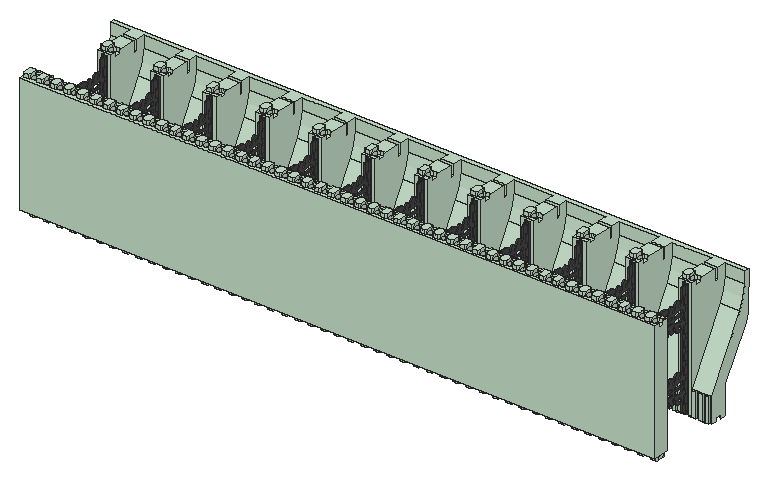
Revit family "ICF- NUDURA 8-inch- Brick Ledge Form Unit- Imperial", category Generic Models, Revit 2011 (continued)
Definition of nested family "8-inch Insert Web"
  Forms (in)
    Extrusion 2, solid, material "High Density Polystyrene"
      sketch origin (0, 0, 0) x (0, 1, 0) y (0, 0, 1)
        loop
          arc (2.13199, 5.11984) -> (2.17842, 5.4384) -> (2.26768, 5.74771) r 2.36477
          arc (2.26768, 5.74771) -> (2.42226, 5.98417) -> (2.65991, 6.13691) r 0.67666
          arc (2.65991, 6.13691) -> (2.94589, 6.01436) -> (2.82334, 5.72838) r 0.22
          arc (2.82334, 5.72838) -> (2.80567, 5.16315) -> (3.25724, 5.50357) r 0.31353
          arc (3.25724, 5.50357) -> (3.34445, 5.70085) -> (3.45885, 5.88371) r 1.51187
          arc (3.45885, 5.88371) -> (3.48945, 5.94354) -> (3.5, 6.0099) r 0.21407
          line (3.5, 6.0099) -> (3.5, 11.73593)
          arc (3.5, 11.73593) -> (3.48945, 11.8023) -> (3.45885, 11.86212) r 0.21407
          arc (3.45885, 11.86212) -> (3.34445, 12.04498) -> (3.25724, 12.24227) r 1.51187
          arc (3.25724, 12.24227) -> (2.80567, 12.58268) -> (2.82334, 12.01745) r 0.31353
          arc (2.82334, 12.01745) -> (2.94589, 11.73147) -> (2.65991, 11.60892) r 0.22
          arc (2.65991, 11.60892) -> (2.42226, 11.76166) -> (2.26768, 11.99813) r 0.67666
          arc (2.26768, 11.99813) -> (2.17842, 12.30743) -> (2.13199, 12.62599) r 2.36477
          arc (2.13199, 12.62599) -> (1.64652, 12.87297) -> (1.68105, 12.32938) r 0.31353
          arc (1.68105, 12.32938) -> (1.75958, 12.04202) -> (1.47754, 11.94612) r 0.21738
          arc (1.47754, 11.94612) -> (1.27285, 12.09952) -> (1.13163, 12.31278) r 0.74993
          line (1.13163, 12.31278) -> (0.98899, 12.69962)
          arc (0.98899, 12.69962) -> (0.48331, 12.86775) -> (0.55745, 12.34003) r 0.31353
          arc (0.55745, 12.34003) -> (0.73367, 12.07603) -> (0.53434, 11.829) r 0.26801
          arc (0.53434, 11.829) -> (0.26951, 11.77808) -> (0, 11.76836) r 1.75402
          arc (0, 11.76836) -> (-0.26951, 11.77808) -> (-0.53434, 11.829) r 1.75402
          arc (-0.53434, 11.829) -> (-0.73367, 12.07603) -> (-0.55745, 12.34003) r 0.26801
          arc (-0.55745, 12.34003) -> (-0.48331, 12.86775) -> (-0.98899, 12.69962) r 0.31353
          line (-0.98899, 12.69962) -> (-1.13163, 12.31278)
          arc (-1.13163, 12.31278) -> (-1.27285, 12.09952) -> (-1.47754, 11.94612) r 0.74993
          arc (-1.47754, 11.94612) -> (-1.75958, 12.04202) -> (-1.68105, 12.32938) r 0.21738
          arc (-1.68105, 12.32938) -> (-1.64652, 12.87297) -> (-2.13199, 12.62599) r 0.31353
          arc (-2.13199, 12.62599) -> (-2.17842, 12.30743) -> (-2.26768, 11.99813) r 2.36477
          arc (-2.26768, 11.99813) -> (-2.42226, 11.76166) -> (-2.65991, 11.60892) r 0.67666
          arc (-2.65991, 11.60892) -> (-2.94589, 11.73147) -> (-2.82334, 12.01745) r 0.22
        loop
          arc (-0.4326, 13.18355) -> (-0.19828, 13.41787) -> (-0.4326, 13.65219) r 0.23432
          line (-0.4326, 13.65219) -> (-1.65965, 13.65219)
          arc (-1.65965, 13.65219) -> (-1.73036, 13.6229) -> (-1.75965, 13.55219) r 0.1
          line (-1.75965, 13.55219) -> (-1.75965, 13.22948)
          arc (-1.75965, 13.22948) -> (-1.72343, 13.15246) -> (-1.641, 13.13124) r 0.1
          arc (-1.641, 13.13124) -> (-1.36148, 13.17069) -> (-1.07948, 13.18355) r 2.98393
          line (-1.07948, 13.18355) -> (-0.4326, 13.18355)
        loop
          arc (-3.26707, 12.80583) -> (-2.63213, 12.94476) -> (-1.99415, 13.06906) r 28.25303
          arc (-1.99415, 13.06906) -> (-1.93534, 13.10339) -> (-1.91215, 13.16743) r 0.1
          line (-1.91215, 13.16743) -> (-1.91215, 13.55219)
          arc (-1.91215, 13.55219) -> (-1.94141, 13.62288) -> (-2.01208, 13.65219) r 0.1
          line (-2.01208, 13.65219) -> (-3.34826, 13.65219)
          arc (-3.34826, 13.65219) -> (-3.45556, 13.60775) -> (-3.5, 13.50045) r 0.15174
          line (-3.5, 13.50045) -> (-3.5, 13.03875)
          arc (-3.5, 13.03875) -> (-3.43178, 12.87405) -> (-3.26707, 12.80583) r 0.23293
        loop
          arc (-4.12543, 0.17379) -> (-4.11414, 0.1848) -> (-4.11, 0.20001) r 0.03
          line (-4.11, 0.20001) -> (-4.11, 0.32122)
          arc (-4.11, 0.32122) -> (-4.11625, 0.33575) -> (-4.13111, 0.34119) r 0.02
          line (-4.13111, 0.34119) -> (-4.18889, 0.33798)
          arc (-4.18889, 0.33798) -> (-4.20374, 0.34342) -> (-4.21, 0.35795) r 0.02
          line (-4.21, 0.35795) -> (-4.21, 0.10915)
          arc (-4.21, 0.10915) -> (-4.20585, 0.12437) -> (-4.19457, 0.13538) r 0.03
          line (-4.19457, 0.13538) -> (-4.12543, 0.17379)
        loop
          arc (-0.4326, 3.4375) -> (-0.19828, 3.67182) -> (-0.4326, 3.90614) r 0.23432
          line (-0.4326, 3.90614) -> (-1.65965, 3.90614)
          arc (-1.65965, 3.90614) -> (-1.73036, 3.87685) -> (-1.75965, 3.80614) r 0.1
          line (-1.75965, 3.80614) -> (-1.75965, 3.48343)
          arc (-1.75965, 3.48343) -> (-1.72343, 3.40641) -> (-1.641, 3.38519) r 0.1
          arc (-1.641, 3.38519) -> (-1.36148, 3.42464) -> (-1.07948, 3.4375) r 2.98393
          line (-1.07948, 3.4375) -> (-0.4326, 3.4375)
        loop
          arc (-3.26707, 3.05978) -> (-2.63213, 3.19871) -> (-1.99415, 3.32301) r 28.25303
          arc (-1.99415, 3.32301) -> (-1.93534, 3.35734) -> (-1.91215, 3.42138) r 0.1
          line (-1.91215, 3.42138) -> (-1.91215, 3.80614)
          arc (-1.91215, 3.80614) -> (-1.94141, 3.87683) -> (-2.01208, 3.90614) r 0.1
          line (-2.01208, 3.90614) -> (-3.34826, 3.90614)
          arc (-3.34826, 3.90614) -> (-3.45556, 3.8617) -> (-3.5, 3.7544) r 0.15174
          line (-3.5, 3.7544) -> (-3.5, 3.2927)
          arc (-3.5, 3.2927) -> (-3.43178, 3.128) -> (-3.26707, 3.05978) r 0.23293
        loop
          line (-0.4326, 4.56228) -> (-1.07948, 4.56228)
          arc (-1.07948, 4.56228) -> (-1.36148, 4.57514) -> (-1.641, 4.6146) r 2.98393
          arc (-1.641, 4.6146) -> (-1.72343, 4.59337) -> (-1.75965, 4.51635) r 0.1
          line (-1.75965, 4.51635) -> (-1.75965, 4.19364)
          arc (-1.75965, 4.19364) -> (-1.73036, 4.12293) -> (-1.65965, 4.09364) r 0.1
          line (-1.65965, 4.09364) -> (-0.4326, 4.09364)
          arc (-0.4326, 4.09364) -> (-0.19828, 4.32796) -> (-0.4326, 4.56228) r 0.23432
        loop
          arc (-3.26707, 4.94001) -> (-3.43178, 4.87178) -> (-3.5, 4.70708) r 0.23293
          line (-3.5, 4.70708) -> (-3.5, 4.24538)
          arc (-3.5, 4.24538) -> (-3.45556, 4.13808) -> (-3.34826, 4.09364) r 0.15174
          line (-3.34826, 4.09364) -> (-2.01208, 4.09364)
          arc (-2.01208, 4.09364) -> (-1.94141, 4.12295) -> (-1.91215, 4.19364) r 0.1
          line (-1.91215, 4.19364) -> (-1.91215, 4.5784)
          arc (-1.91215, 4.5784) -> (-1.93534, 4.64244) -> (-1.99415, 4.67677) r 0.1
          arc (-1.99415, 4.67677) -> (-2.63213, 4.80107) -> (-3.26707, 4.94001) r 28.25303
        loop
          arc (4.12543, 17.57204) -> (4.11414, 17.56103) -> (4.11, 17.54582) r 0.03
          line (4.11, 17.54582) -> (4.11, 17.42461)
          arc (4.11, 17.42461) -> (4.11625, 17.41008) -> (4.13111, 17.40464) r 0.02
          line (4.13111, 17.40464) -> (4.18889, 17.40785)
          arc (4.18889, 17.40785) -> (4.20374, 17.40241) -> (4.21, 17.38789) r 0.02
          line (4.21, 17.38789) -> (4.21, 17.63668)
          arc (4.21, 17.63668) -> (4.20585, 17.62147) -> (4.19457, 17.61045) r 0.03
          line (4.19457, 17.61045) -> (4.12543, 17.57204)
        loop
          arc (0.4326, 14.30833) -> (0.19828, 14.07401) -> (0.4326, 13.83969) r 0.23432
          line (0.4326, 13.83969) -> (1.65965, 13.83969)
          arc (1.65965, 13.83969) -> (1.73036, 13.86898) -> (1.75965, 13.93969) r 0.1
          line (1.75965, 13.93969) -> (1.75965, 14.2624)
          arc (1.75965, 14.2624) -> (1.72343, 14.33942) -> (1.641, 14.36065) r 0.1
          arc (1.641, 14.36065) -> (1.36148, 14.32119) -> (1.07948, 14.30833) r 2.98393
          line (1.07948, 14.30833) -> (0.4326, 14.30833)
        loop
          arc (3.26707, 14.68606) -> (2.63213, 14.54712) -> (1.99415, 14.42282) r 28.25303
          arc (1.99415, 14.42282) -> (1.93534, 14.38849) -> (1.91215, 14.32445) r 0.1
          line (1.91215, 14.32445) -> (1.91215, 13.93969)
          arc (1.91215, 13.93969) -> (1.94141, 13.869) -> (2.01208, 13.83969) r 0.1
          line (2.01208, 13.83969) -> (3.34826, 13.83969)
          arc (3.34826, 13.83969) -> (3.45556, 13.88413) -> (3.5, 13.99143) r 0.15174
          line (3.5, 13.99143) -> (3.5, 14.45313)
          arc (3.5, 14.45313) -> (3.43178, 14.61783) -> (3.26707, 14.68606) r 0.23293
        loop
          line (0.4326, 13.18355) -> (1.07948, 13.18355)
          arc (1.07948, 13.18355) -> (1.36148, 13.17069) -> (1.641, 13.13124) r 2.98393
          arc (1.641, 13.13124) -> (1.72343, 13.15246) -> (1.75965, 13.22948) r 0.1
          line (1.75965, 13.22948) -> (1.75965, 13.55219)
          arc (1.75965, 13.55219) -> (1.73036, 13.6229) -> (1.65965, 13.65219) r 0.1
          line (1.65965, 13.65219) -> (0.4326, 13.65219)
          arc (0.4326, 13.65219) -> (0.19828, 13.41787) -> (0.4326, 13.18355) r 0.23432
        loop
          arc (3.26707, 12.80583) -> (3.43178, 12.87405) -> (3.5, 13.03875) r 0.23293
          line (3.5, 13.03875) -> (3.5, 13.50045)
          arc (3.5, 13.50045) -> (3.45556, 13.60775) -> (3.34826, 13.65219) r 0.15174
          line (3.34826, 13.65219) -> (2.01208, 13.65219)
          arc (2.01208, 13.65219) -> (1.94141, 13.62288) -> (1.91215, 13.55219) r 0.1
          line (1.91215, 13.55219) -> (1.91215, 13.16743)
          arc (1.91215, 13.16743) -> (1.93534, 13.10339) -> (1.99415, 13.06906) r 0.1
          arc (1.99415, 13.06906) -> (2.63213, 12.94476) -> (3.26707, 12.80583) r 28.25303
        loop
          line (4.12543, 0.17379) -> (4.19457, 0.13538)
          arc (4.19457, 0.13538) -> (4.20585, 0.12437) -> (4.21, 0.10915) r 0.03
          line (4.21, 0.10915) -> (4.21, 0.35795)
          arc (4.21, 0.35795) -> (4.20374, 0.34342) -> (4.18889, 0.33798) r 0.02
          line (4.18889, 0.33798) -> (4.13111, 0.34119)
          arc (4.13111, 0.34119) -> (4.11625, 0.33575) -> (4.11, 0.32122) r 0.02
          line (4.11, 0.32122) -> (4.11, 0.20001)
          arc (4.11, 0.20001) -> (4.11414, 0.1848) -> (4.12543, 0.17379) r 0.03
        loop
          line (0.4326, 3.4375) -> (1.07948, 3.4375)
          arc (1.07948, 3.4375) -> (1.36148, 3.42464) -> (1.641, 3.38519) r 2.98393
          arc (1.641, 3.38519) -> (1.72343, 3.40641) -> (1.75965, 3.48343) r 0.1
          line (1.75965, 3.48343) -> (1.75965, 3.80614)
          arc (1.75965, 3.80614) -> (1.73036, 3.87685) -> (1.65965, 3.90614) r 0.1
          line (1.65965, 3.90614) -> (0.4326, 3.90614)
          arc (0.4326, 3.90614) -> (0.19828, 3.67182) -> (0.4326, 3.4375) r 0.23432
        loop
          arc (3.26707, 3.05978) -> (3.43178, 3.128) -> (3.5, 3.2927) r 0.23293
          line (3.5, 3.2927) -> (3.5, 3.7544)
          arc (3.5, 3.7544) -> (3.45556, 3.8617) -> (3.34826, 3.90614) r 0.15174
          line (3.34826, 3.90614) -> (2.01208, 3.90614)
          arc (2.01208, 3.90614) -> (1.94141, 3.87683) -> (1.91215, 3.80614) r 0.1
          line (1.91215, 3.80614) -> (1.91215, 3.42138)
          arc (1.91215, 3.42138) -> (1.93534, 3.35734) -> (1.99415, 3.32301) r 0.1
          arc (1.99415, 3.32301) -> (2.63213, 3.19871) -> (3.26707, 3.05978) r 28.25303
        loop
          arc (0.4326, 4.56228) -> (0.19828, 4.32796) -> (0.4326, 4.09364) r 0.23432
          line (0.4326, 4.09364) -> (1.65965, 4.09364)
          arc (1.65965, 4.09364) -> (1.73036, 4.12293) -> (1.75965, 4.19364) r 0.1
          line (1.75965, 4.19364) -> (1.75965, 4.51635)
          arc (1.75965, 4.51635) -> (1.72343, 4.59337) -> (1.641, 4.6146) r 0.1
          arc (1.641, 4.6146) -> (1.36148, 4.57514) -> (1.07948, 4.56228) r 2.98393
          line (1.07948, 4.56228) -> (0.4326, 4.56228)
        loop
          arc (3.26707, 4.94001) -> (2.63213, 4.80107) -> (1.99415, 4.67677) r 28.25303
          arc (1.99415, 4.67677) -> (1.93534, 4.64244) -> (1.91215, 4.5784) r 0.1
          line (1.91215, 4.5784) -> (1.91215, 4.19364)
          arc (1.91215, 4.19364) -> (1.94141, 4.12295) -> (2.01208, 4.09364) r 0.1
          line (2.01208, 4.09364) -> (3.34826, 4.09364)
          arc (3.34826, 4.09364) -> (3.45556, 4.13808) -> (3.5, 4.24538) r 0.15174
          line (3.5, 4.24538) -> (3.5, 4.70708)
          arc (3.5, 4.70708) -> (3.43178, 4.87178) -> (3.26707, 4.94001) r 0.23293
      from 0.125 to -0.125
    Extrusion 3, solid, material "High Density Polystyrene"
      sketch origin (0, 0, 0) x (0, 1, 0) y (0, 0, 1)
        loop
          line (4.21, 16.17792) -> (3.71, 16.17792) -> (3.71, 14.97792) -> (4.21, 14.97792) -> (4.21, 16.17792)
        loop
          line (4.21, 14.22792) -> (3.71, 14.22792) -> (3.71, 13.02792) -> (4.21, 13.02792) -> (4.21, 14.22792)
        loop
          line (4.21, 12.27792) -> (3.71, 12.27792) -> (3.71, 11.07792) -> (4.21, 11.07792) -> (4.21, 12.27792)
        loop
          line (4.21, 10.32792) -> (3.71, 10.32792) -> (3.71, 9.24792) -> (4.21, 9.24792) -> (4.21, 10.32792)
        loop
          line (4.21, 8.49792) -> (3.71, 8.49792) -> (3.71, 7.41792) -> (4.21, 7.41792) -> (4.21, 8.49792)
        loop
          line (4.21, 6.66792) -> (3.71, 6.66792) -> (3.71, 5.46792) -> (4.21, 5.46792) -> (4.21, 6.66792)
        loop
          line (4.21, 4.71792) -> (3.71, 4.71792) -> (3.71, 3.51792) -> (4.21, 3.51792) -> (4.21, 4.71792)
        loop
          line (4.21, 2.76792) -> (3.71, 2.76792) -> (3.71, 1.56792) -> (4.21, 1.56792) -> (4.21, 2.76792)
        loop
          line (-4.21, 16.17792) -> (-4.21, 14.97792) -> (-3.71, 14.97792) -> (-3.71, 16.17792) -> (-4.21, 16.17792)
        loop
          line (-4.21, 14.22792) -> (-4.21, 13.02792) -> (-3.71, 13.02792) -> (-3.71, 14.22792) -> (-4.21, 14.22792)
        loop
          line (-4.21, 12.27792) -> (-4.21, 11.07792) -> (-3.71, 11.07792) -> (-3.71, 12.27792) -> (-4.21, 12.27792)
        loop
          line (-4.21, 10.32792) -> (-4.21, 9.24792) -> (-3.71, 9.24792) -> (-3.71, 10.32792) -> (-4.21, 10.32792)
        loop
          line (-4.21, 8.49792) -> (-4.21, 7.41792) -> (-3.71, 7.41792) -> (-3.71, 8.49792) -> (-4.21, 8.49792)
        loop
          line (-4.21, 6.66792) -> (-4.21, 5.46792) -> (-3.71, 5.46792) -> (-3.71, 6.66792) -> (-4.21, 6.66792)
        loop
          line (-4.21, 4.71792) -> (-4.21, 3.51792) -> (-3.71, 3.51792) -> (-3.71, 4.71792) -> (-4.21, 4.71792)
        loop
          line (-4.21, 2.76792) -> (-4.21, 1.56792) -> (-3.71, 1.56792) -> (-3.71, 2.76792) -> (-4.21, 2.76792)
      from 0.25 to -0.25
    Extrusion 4, void
      sketch origin (0, 1, 0) x (1, 0, 0) y (0, 1, 0)
        loop
          line (-0.25, 2.79249) -> (-0.25, 2.71) -> (-0.1675, 2.71)
          arc (-0.1675, 2.71) -> (-0.22584, 2.73416) -> (-0.25, 2.79249) r 0.0825
      from 0 to 18
    Extrusion 5, void
      sketch origin (0, 1, 0) x (-1, 0, 0) y (0, -1, 0)
        loop
          arc (-0.25, -2.79249) -> (-0.22584, -2.73416) -> (-0.1675, -2.71) r 0.0825
          line (-0.1675, -2.71) -> (-0.25, -2.71) -> (-0.25, -2.79249)
      from 0 to 18
    Extrusion 6, void
      sketch origin (0, -1, 0) x (1, 0, 0) y (0, 1, 0)
        loop
          arc (-0.25, -2.79249) -> (-0.22584, -2.73416) -> (-0.1675, -2.71) r 0.0825
          line (-0.1675, -2.71) -> (-0.25, -2.71) -> (-0.25, -2.79249)
      from 0 to 18
    Extrusion 7, void
      sketch origin (0, -1, 0) x (-1, 0, 0) y (0, -1, 0)
        loop
          line (-0.25, 2.79249) -> (-0.25, 2.71) -> (-0.1675, 2.71)
          arc (-0.1675, 2.71) -> (-0.22584, 2.73416) -> (-0.25, 2.79249) r 0.0825
      from 0 to 18
  Cuts and joins
    Extrusion 4, Extrusion 5, Extrusion 6, Extrusion 7 cuts Extrusion 1
    Extrusion 4, Extrusion 5, Extrusion 6, Extrusion 7 cuts Extrusion 3
Definition of nested family "NUDURA Diamond Pattern"
  Reference planes (in)
    plane 1 "Center (Front/Back)": y = 0
    plane 2: z = 0
    plane 3 "Center (Left/Right)": x = 0
    plane 4: z = 18
  Lines and regions (in)
    model lines
      curve 1: line (8, -5.625, 18) -> (8, -5.625, 0)
      curve 2: line (6, -5.625, 18) -> (6, -5.625, 0)
      curve 3: line (2, -5.625, 18) -> (2, -5.625, 0)
      curve 4: line (3.35367, -5.625, 16.98484) -> (3.69709, -5.625, 16.64142)
      curve 5: arc (3.35367, -5.625, 17.51517) -> (3.24384, -5.625, 17.25) -> (3.35367, -5.625, 16.98484) r 0.375
      curve 6: line (3.72867, -5.625, 17.89017) -> (3.35367, -5.625, 17.51517)
      curve 7: arc (4.259, -5.625, 17.89017) -> (3.99384, -5.625, 18) -> (3.72867, -5.625, 17.89017) r 0.375
      curve 8: line (4.634, -5.625, 17.51517) -> (4.259, -5.625, 17.89017)
      curve 9: arc (4.634, -5.625, 16.98484) -> (4.74384, -5.625, 17.25) -> (4.634, -5.625, 17.51517) r 0.375
      curve 10: line (4.29059, -5.625, 16.64142) -> (4.634, -5.625, 16.98484)
      curve 11: arc (4.17062, -5.625, 17.80178) -> (3.99384, -5.625, 17.875) -> (3.81706, -5.625, 17.80178) r 0.25
      curve 12: line (4.54562, -5.625, 17.42678) -> (4.17062, -5.625, 17.80178)
      curve 13: arc (4.54562, -5.625, 17.07322) -> (4.61884, -5.625, 17.25) -> (4.54562, -5.625, 17.42678) r 0.25
      curve 14: line (4.17062, -5.625, 16.69822) -> (4.54562, -5.625, 17.07322)
      curve 15: arc (3.81706, -5.625, 16.69822) -> (3.99384, -5.625, 16.625) -> (4.17062, -5.625, 16.69822) r 0.25
      curve 16: line (3.44206, -5.625, 17.07322) -> (3.81706, -5.625, 16.69822)
      curve 17: arc (3.44206, -5.625, 17.42678) -> (3.36884, -5.625, 17.25) -> (3.44206, -5.625, 17.07322) r 0.25
      curve 18: line (3.81706, -5.625, 17.80178) -> (3.44206, -5.625, 17.42678)
      curve 19: arc (3.69709, -5.625, 16.35858) -> (3.75567, -5.625, 16.5) -> (3.69709, -5.625, 16.64142) r 0.2
      curve 20: line (4.634, -5.625, 16.01517) -> (4.29059, -5.625, 16.35858)
      curve 21: arc (4.634, -5.625, 15.48484) -> (4.74384, -5.625, 15.75) -> (4.634, -5.625, 16.01517) r 0.375
      curve 22: line (4.29059, -5.625, 15.14142) -> (4.634, -5.625, 15.48484)
      curve 23: line (3.35367, -5.625, 15.48484) -> (3.69709, -5.625, 15.14142)
      curve 24: arc (3.35367, -5.625, 16.01517) -> (3.24384, -5.625, 15.75) -> (3.35367, -5.625, 15.48484) r 0.375
      curve 25: line (3.69709, -5.625, 16.35858) -> (3.35367, -5.625, 16.01517)
      curve 26: arc (4.17062, -5.625, 16.30178) -> (3.99384, -5.625, 16.375) -> (3.81706, -5.625, 16.30178) r 0.25
      curve 27: line (3.81706, -5.625, 16.30178) -> (3.44206, -5.625, 15.92678)
      curve 28: arc (3.44206, -5.625, 15.92678) -> (3.36884, -5.625, 15.75) -> (3.44206, -5.625, 15.57322) r 0.25
      curve 29: line (3.44206, -5.625, 15.57322) -> (3.81706, -5.625, 15.19822)
      curve 30: arc (3.81706, -5.625, 15.19822) -> (3.99384, -5.625, 15.125) -> (4.17062, -5.625, 15.19822) r 0.25
      curve 31: line (4.17062, -5.625, 15.19822) -> (4.54562, -5.625, 15.57322)
      curve 32: arc (4.54562, -5.625, 15.57322) -> (4.61884, -5.625, 15.75) -> (4.54562, -5.625, 15.92678) r 0.25
      curve 33: line (4.54562, -5.625, 15.92678) -> (4.17062, -5.625, 16.30178)
      curve 34: arc (3.69709, -5.625, 14.85858) -> (3.75567, -5.625, 15) -> (3.69709, -5.625, 15.14142) r 0.2
      curve 35: line (4.634, -5.625, 14.51517) -> (4.29059, -5.625, 14.85858)
      curve 36: arc (4.634, -5.625, 13.98484) -> (4.74384, -5.625, 14.25) -> (4.634, -5.625, 14.51517) r 0.375
      curve 37: line (4.29059, -5.625, 13.64142) -> (4.634, -5.625, 13.98484)
      curve 38: line (3.35367, -5.625, 13.98484) -> (3.69709, -5.625, 13.64142)
      curve 39: arc (3.35367, -5.625, 14.51517) -> (3.24384, -5.625, 14.25) -> (3.35367, -5.625, 13.98484) r 0.375
      curve 40: line (3.69709, -5.625, 14.85858) -> (3.35367, -5.625, 14.51517)
      curve 41: arc (4.17062, -5.625, 14.80178) -> (3.99384, -5.625, 14.875) -> (3.81706, -5.625, 14.80178) r 0.25
      curve 42: line (3.81706, -5.625, 14.80178) -> (3.44206, -5.625, 14.42678)
      curve 43: arc (3.44206, -5.625, 14.42678) -> (3.36884, -5.625, 14.25) -> (3.44206, -5.625, 14.07322) r 0.25
      curve 44: line (3.44206, -5.625, 14.07322) -> (3.81706, -5.625, 13.69822)
      curve 45: arc (3.81706, -5.625, 13.69822) -> (3.99384, -5.625, 13.625) -> (4.17062, -5.625, 13.69822) r 0.25
      curve 46: line (4.17062, -5.625, 13.69822) -> (4.54562, -5.625, 14.07322)
      curve 47: arc (4.54562, -5.625, 14.07322) -> (4.61884, -5.625, 14.25) -> (4.54562, -5.625, 14.42678) r 0.25
      curve 48: line (4.54562, -5.625, 14.42678) -> (4.17062, -5.625, 14.80178)
      curve 49: arc (3.69709, -5.625, 13.35858) -> (3.75567, -5.625, 13.5) -> (3.69709, -5.625, 13.64142) r 0.2
      curve 50: line (4.634, -5.625, 13.01517) -> (4.29059, -5.625, 13.35858)
      curve 51: arc (4.634, -5.625, 12.48484) -> (4.74384, -5.625, 12.75) -> (4.634, -5.625, 13.01517) r 0.375
      curve 52: line (4.29059, -5.625, 12.14142) -> (4.634, -5.625, 12.48484)
      curve 53: line (3.35367, -5.625, 12.48484) -> (3.69709, -5.625, 12.14142)
      curve 54: arc (3.35367, -5.625, 13.01517) -> (3.24384, -5.625, 12.75) -> (3.35367, -5.625, 12.48484) r 0.375
      curve 55: line (3.69709, -5.625, 13.35858) -> (3.35367, -5.625, 13.01517)
      curve 56: arc (4.17062, -5.625, 13.30178) -> (3.99384, -5.625, 13.375) -> (3.81706, -5.625, 13.30178) r 0.25
      curve 57: line (3.81706, -5.625, 13.30178) -> (3.44206, -5.625, 12.92678)
      curve 58: arc (3.44206, -5.625, 12.92678) -> (3.36884, -5.625, 12.75) -> (3.44206, -5.625, 12.57322) r 0.25
      curve 59: line (3.44206, -5.625, 12.57322) -> (3.81706, -5.625, 12.19822)
      curve 60: arc (3.81706, -5.625, 12.19822) -> (3.99384, -5.625, 12.125) -> (4.17062, -5.625, 12.19822) r 0.25
      curve 61: line (4.17062, -5.625, 12.19822) -> (4.54562, -5.625, 12.57322)
      curve 62: arc (4.54562, -5.625, 12.57322) -> (4.61884, -5.625, 12.75) -> (4.54562, -5.625, 12.92678) r 0.25
      curve 63: line (4.54562, -5.625, 12.92678) -> (4.17062, -5.625, 13.30178)
      curve 64: arc (3.69709, -5.625, 11.85858) -> (3.75567, -5.625, 12) -> (3.69709, -5.625, 12.14142) r 0.2
      curve 65: line (4.634, -5.625, 11.51517) -> (4.29059, -5.625, 11.85858)
      curve 66: arc (4.634, -5.625, 10.98484) -> (4.74384, -5.625, 11.25) -> (4.634, -5.625, 11.51517) r 0.375
      curve 67: line (4.29059, -5.625, 10.64142) -> (4.634, -5.625, 10.98484)
      curve 68: line (3.35367, -5.625, 10.98484) -> (3.69709, -5.625, 10.64142)
      curve 69: arc (3.35367, -5.625, 11.51517) -> (3.24384, -5.625, 11.25) -> (3.35367, -5.625, 10.98484) r 0.375
      curve 70: line (3.69709, -5.625, 11.85858) -> (3.35367, -5.625, 11.51517)
      curve 71: arc (4.17062, -5.625, 11.80178) -> (3.99384, -5.625, 11.875) -> (3.81706, -5.625, 11.80178) r 0.25
      curve 72: line (3.81706, -5.625, 11.80178) -> (3.44206, -5.625, 11.42678)
      curve 73: arc (3.44206, -5.625, 11.42678) -> (3.36884, -5.625, 11.25) -> (3.44206, -5.625, 11.07322) r 0.25
      curve 74: line (3.44206, -5.625, 11.07322) -> (3.81706, -5.625, 10.69822)
      curve 75: arc (3.81706, -5.625, 10.69822) -> (3.99384, -5.625, 10.625) -> (4.17062, -5.625, 10.69822) r 0.25
      curve 76: line (4.17062, -5.625, 10.69822) -> (4.54562, -5.625, 11.07322)
      curve 77: arc (4.54562, -5.625, 11.07322) -> (4.61884, -5.625, 11.25) -> (4.54562, -5.625, 11.42678) r 0.25
      curve 78: line (4.54562, -5.625, 11.42678) -> (4.17062, -5.625, 11.80178)
      curve 79: arc (3.69709, -5.625, 10.35858) -> (3.75567, -5.625, 10.5) -> (3.69709, -5.625, 10.64142) r 0.2
      curve 80: line (4.634, -5.625, 10.01517) -> (4.29059, -5.625, 10.35858)
      curve 81: arc (4.634, -5.625, 9.48484) -> (4.74384, -5.625, 9.75) -> (4.634, -5.625, 10.01517) r 0.375
      curve 82: line (4.29059, -5.625, 9.14142) -> (4.634, -5.625, 9.48484)
      curve 83: line (3.35367, -5.625, 9.48484) -> (3.69709, -5.625, 9.14142)
      curve 84: arc (3.35367, -5.625, 10.01517) -> (3.24384, -5.625, 9.75) -> (3.35367, -5.625, 9.48484) r 0.375
      curve 85: line (3.69709, -5.625, 10.35858) -> (3.35367, -5.625, 10.01517)
      curve 86: arc (4.17062, -5.625, 10.30178) -> (3.99384, -5.625, 10.375) -> (3.81706, -5.625, 10.30178) r 0.25
      curve 87: line (3.81706, -5.625, 10.30178) -> (3.44206, -5.625, 9.92678)
      curve 88: arc (3.44206, -5.625, 9.92678) -> (3.36884, -5.625, 9.75) -> (3.44206, -5.625, 9.57322) r 0.25
      curve 89: line (3.44206, -5.625, 9.57322) -> (3.81706, -5.625, 9.19822)
      curve 90: arc (3.81706, -5.625, 9.19822) -> (3.99384, -5.625, 9.125) -> (4.17062, -5.625, 9.19822) r 0.25
      curve 91: line (4.17062, -5.625, 9.19822) -> (4.54562, -5.625, 9.57322)
      curve 92: arc (4.54562, -5.625, 9.57322) -> (4.61884, -5.625, 9.75) -> (4.54562, -5.625, 9.92678) r 0.25
      curve 93: line (4.54562, -5.625, 9.92678) -> (4.17062, -5.625, 10.30178)
      curve 94: arc (3.69709, -5.625, 8.85858) -> (3.75567, -5.625, 9) -> (3.69709, -5.625, 9.14142) r 0.2
      curve 95: line (4.634, -5.625, 8.51517) -> (4.29059, -5.625, 8.85858)
      curve 96: arc (4.634, -5.625, 7.98484) -> (4.74384, -5.625, 8.25) -> (4.634, -5.625, 8.51517) r 0.375
      curve 97: line (4.29059, -5.625, 7.64142) -> (4.634, -5.625, 7.98484)
      curve 98: line (3.35367, -5.625, 7.98484) -> (3.69709, -5.625, 7.64142)
      curve 99: arc (3.35367, -5.625, 8.51517) -> (3.24384, -5.625, 8.25) -> (3.35367, -5.625, 7.98484) r 0.375
      curve 100: line (3.69709, -5.625, 8.85858) -> (3.35367, -5.625, 8.51517)
      curve 101: arc (4.17062, -5.625, 8.80178) -> (3.99384, -5.625, 8.875) -> (3.81706, -5.625, 8.80178) r 0.25
      curve 102: line (3.81706, -5.625, 8.80178) -> (3.44206, -5.625, 8.42678)
      curve 103: arc (3.44206, -5.625, 8.42678) -> (3.36884, -5.625, 8.25) -> (3.44206, -5.625, 8.07322) r 0.25
      curve 104: line (3.44206, -5.625, 8.07322) -> (3.81706, -5.625, 7.69822)
      curve 105: arc (3.81706, -5.625, 7.69822) -> (3.99384, -5.625, 7.625) -> (4.17062, -5.625, 7.69822) r 0.25
      curve 106: line (4.17062, -5.625, 7.69822) -> (4.54562, -5.625, 8.07322)
      curve 107: arc (4.54562, -5.625, 8.07322) -> (4.61884, -5.625, 8.25) -> (4.54562, -5.625, 8.42678) r 0.25
      curve 108: line (4.54562, -5.625, 8.42678) -> (4.17062, -5.625, 8.80178)
      curve 109: arc (3.69709, -5.625, 7.35858) -> (3.75567, -5.625, 7.5) -> (3.69709, -5.625, 7.64142) r 0.2
      curve 110: line (4.634, -5.625, 7.01517) -> (4.29059, -5.625, 7.35858)
      curve 111: arc (4.634, -5.625, 6.48484) -> (4.74384, -5.625, 6.75) -> (4.634, -5.625, 7.01517) r 0.375
      curve 112: line (4.29059, -5.625, 6.14142) -> (4.634, -5.625, 6.48484)
      curve 113: line (3.35367, -5.625, 6.48484) -> (3.69709, -5.625, 6.14142)
      curve 114: arc (3.35367, -5.625, 7.01517) -> (3.24384, -5.625, 6.75) -> (3.35367, -5.625, 6.48484) r 0.375
      curve 115: line (3.69709, -5.625, 7.35858) -> (3.35367, -5.625, 7.01517)
      curve 116: arc (4.17062, -5.625, 7.30178) -> (3.99384, -5.625, 7.375) -> (3.81706, -5.625, 7.30178) r 0.25
      curve 117: line (3.81706, -5.625, 7.30178) -> (3.44206, -5.625, 6.92678)
      curve 118: arc (3.44206, -5.625, 6.92678) -> (3.36884, -5.625, 6.75) -> (3.44206, -5.625, 6.57322) r 0.25
      curve 119: line (3.44206, -5.625, 6.57322) -> (3.81706, -5.625, 6.19822)
      curve 120: arc (3.81706, -5.625, 6.19822) -> (3.99384, -5.625, 6.125) -> (4.17062, -5.625, 6.19822) r 0.25
      curve 121: line (4.17062, -5.625, 6.19822) -> (4.54562, -5.625, 6.57322)
      curve 122: arc (4.54562, -5.625, 6.57322) -> (4.61884, -5.625, 6.75) -> (4.54562, -5.625, 6.92678) r 0.25
      curve 123: line (4.54562, -5.625, 6.92678) -> (4.17062, -5.625, 7.30178)
      curve 124: arc (3.69709, -5.625, 5.85858) -> (3.75567, -5.625, 6) -> (3.69709, -5.625, 6.14142) r 0.2
      curve 125: line (4.634, -5.625, 5.51517) -> (4.29059, -5.625, 5.85858)
      curve 126: arc (4.634, -5.625, 4.98484) -> (4.74384, -5.625, 5.25) -> (4.634, -5.625, 5.51517) r 0.375
      curve 127: line (4.29059, -5.625, 4.64142) -> (4.634, -5.625, 4.98484)
      curve 128: line (3.35367, -5.625, 4.98484) -> (3.69709, -5.625, 4.64142)
      curve 129: arc (3.35367, -5.625, 5.51517) -> (3.24384, -5.625, 5.25) -> (3.35367, -5.625, 4.98484) r 0.375
      curve 130: line (3.69709, -5.625, 5.85858) -> (3.35367, -5.625, 5.51517)
      curve 131: arc (4.17062, -5.625, 5.80178) -> (3.99384, -5.625, 5.875) -> (3.81706, -5.625, 5.80178) r 0.25
      curve 132: line (3.81706, -5.625, 5.80178) -> (3.44206, -5.625, 5.42678)
      curve 133: arc (3.44206, -5.625, 5.42678) -> (3.36884, -5.625, 5.25) -> (3.44206, -5.625, 5.07322) r 0.25
      curve 134: line (3.44206, -5.625, 5.07322) -> (3.81706, -5.625, 4.69822)
      curve 135: arc (3.81706, -5.625, 4.69822) -> (3.99384, -5.625, 4.625) -> (4.17062, -5.625, 4.69822) r 0.25
      curve 136: line (4.17062, -5.625, 4.69822) -> (4.54562, -5.625, 5.07322)
      curve 137: arc (4.54562, -5.625, 5.07322) -> (4.61884, -5.625, 5.25) -> (4.54562, -5.625, 5.42678) r 0.25
      curve 138: line (4.54562, -5.625, 5.42678) -> (4.17062, -5.625, 5.80178)
      curve 139: arc (3.69709, -5.625, 4.35858) -> (3.75567, -5.625, 4.5) -> (3.69709, -5.625, 4.64142) r 0.2
      curve 140: line (4.634, -5.625, 4.01517) -> (4.29059, -5.625, 4.35858)
      curve 141: arc (4.634, -5.625, 3.48484) -> (4.74384, -5.625, 3.75) -> (4.634, -5.625, 4.01517) r 0.375
      curve 142: line (4.29059, -5.625, 3.14142) -> (4.634, -5.625, 3.48484)
      curve 143: line (3.35367, -5.625, 3.48484) -> (3.69709, -5.625, 3.14142)
      curve 144: arc (3.35367, -5.625, 4.01517) -> (3.24384, -5.625, 3.75) -> (3.35367, -5.625, 3.48484) r 0.375
      curve 145: line (3.69709, -5.625, 4.35858) -> (3.35367, -5.625, 4.01517)
      curve 146: arc (4.17062, -5.625, 4.30178) -> (3.99384, -5.625, 4.375) -> (3.81706, -5.625, 4.30178) r 0.25
      curve 147: line (3.81706, -5.625, 4.30178) -> (3.44206, -5.625, 3.92678)
      curve 148: arc (3.44206, -5.625, 3.92678) -> (3.36884, -5.625, 3.75) -> (3.44206, -5.625, 3.57322) r 0.25
      curve 149: line (3.44206, -5.625, 3.57322) -> (3.81706, -5.625, 3.19822)
      curve 150: arc (3.81706, -5.625, 3.19822) -> (3.99384, -5.625, 3.125) -> (4.17062, -5.625, 3.19822) r 0.25
      curve 151: line (4.17062, -5.625, 3.19822) -> (4.54562, -5.625, 3.57322)
      curve 152: arc (4.54562, -5.625, 3.57322) -> (4.61884, -5.625, 3.75) -> (4.54562, -5.625, 3.92678) r 0.25
      curve 153: line (4.54562, -5.625, 3.92678) -> (4.17062, -5.625, 4.30178)
      curve 154: arc (3.69709, -5.625, 2.85858) -> (3.75567, -5.625, 3) -> (3.69709, -5.625, 3.14142) r 0.2
      curve 155: line (4.634, -5.625, 2.51517) -> (4.29059, -5.625, 2.85858)
      curve 156: arc (4.634, -5.625, 1.98484) -> (4.74384, -5.625, 2.25) -> (4.634, -5.625, 2.51517) r 0.375
      curve 157: line (4.29059, -5.625, 1.64142) -> (4.634, -5.625, 1.98484)
      curve 158: line (3.35367, -5.625, 1.98484) -> (3.69709, -5.625, 1.64142)
      curve 159: arc (3.35367, -5.625, 2.51517) -> (3.24384, -5.625, 2.25) -> (3.35367, -5.625, 1.98484) r 0.375
      curve 160: line (3.69709, -5.625, 2.85858) -> (3.35367, -5.625, 2.51517)
      curve 161: arc (4.17062, -5.625, 2.80178) -> (3.99384, -5.625, 2.875) -> (3.81706, -5.625, 2.80178) r 0.25
      curve 162: line (3.81706, -5.625, 2.80178) -> (3.44206, -5.625, 2.42678)
      curve 163: arc (3.44206, -5.625, 2.42678) -> (3.36884, -5.625, 2.25) -> (3.44206, -5.625, 2.07322) r 0.25
      curve 164: line (3.44206, -5.625, 2.07322) -> (3.81706, -5.625, 1.69822)
      curve 165: arc (3.81706, -5.625, 1.69822) -> (3.99384, -5.625, 1.625) -> (4.17062, -5.625, 1.69822) r 0.25
      curve 166: line (4.17062, -5.625, 1.69822) -> (4.54562, -5.625, 2.07322)
      curve 167: arc (4.54562, -5.625, 2.07322) -> (4.61884, -5.625, 2.25) -> (4.54562, -5.625, 2.42678) r 0.25
      curve 168: line (4.54562, -5.625, 2.42678) -> (4.17062, -5.625, 2.80178)
      curve 169: arc (3.69709, -5.625, 1.35858) -> (3.75567, -5.625, 1.5) -> (3.69709, -5.625, 1.64142) r 0.2
      curve 170: line (3.69709, -5.625, 1.35858) -> (3.35367, -5.625, 1.01517)
      curve 171: arc (3.35367, -5.625, 1.01517) -> (3.24384, -5.625, 0.75) -> (3.35367, -5.625, 0.48484) r 0.375
      curve 172: line (3.35367, -5.625, 0.48484) -> (3.72867, -5.625, 0.10984)
      curve 173: arc (3.72867, -5.625, 0.10984) -> (3.99384, -5.625, 0) -> (4.259, -5.625, 0.10984) r 0.375
      curve 174: line (4.259, -5.625, 0.10984) -> (4.634, -5.625, 0.48484)
      curve 175: arc (4.634, -5.625, 0.48484) -> (4.74384, -5.625, 0.75) -> (4.634, -5.625, 1.01517) r 0.375
      curve 176: line (4.634, -5.625, 1.01517) -> (4.29059, -5.625, 1.35858)
      curve 177: arc (4.29059, -5.625, 1.64142) -> (4.23201, -5.625, 1.5) -> (4.29059, -5.625, 1.35858) r 0.2
      curve 178: arc (4.17062, -5.625, 1.30178) -> (3.99384, -5.625, 1.375) -> (3.81706, -5.625, 1.30178) r 0.25
      curve 179: line (4.54562, -5.625, 0.92678) -> (4.17062, -5.625, 1.30178)
      curve 180: arc (4.54562, -5.625, 0.57322) -> (4.61884, -5.625, 0.75) -> (4.54562, -5.625, 0.92678) r 0.25
      curve 181: line (4.17062, -5.625, 0.19822) -> (4.54562, -5.625, 0.57322)
      curve 182: arc (3.81706, -5.625, 0.19822) -> (3.99384, -5.625, 0.125) -> (4.17062, -5.625, 0.19822) r 0.25
      curve 183: line (3.44206, -5.625, 0.57322) -> (3.81706, -5.625, 0.19822)
      curve 184: arc (3.44206, -5.625, 0.92678) -> (3.36884, -5.625, 0.75) -> (3.44206, -5.625, 0.57322) r 0.25
      curve 185: line (3.81706, -5.625, 1.30178) -> (3.44206, -5.625, 0.92678)
      curve 186: arc (4.29059, -5.625, 3.14142) -> (4.23201, -5.625, 3) -> (4.29059, -5.625, 2.85858) r 0.2
      curve 187: arc (4.29059, -5.625, 4.64142) -> (4.23201, -5.625, 4.5) -> (4.29059, -5.625, 4.35858) r 0.2
      curve 188: arc (4.29059, -5.625, 6.14142) -> (4.23201, -5.625, 6) -> (4.29059, -5.625, 5.85858) r 0.2
      curve 189: arc (4.29059, -5.625, 7.64142) -> (4.23201, -5.625, 7.5) -> (4.29059, -5.625, 7.35858) r 0.2
      curve 190: arc (4.29059, -5.625, 9.14142) -> (4.23201, -5.625, 9) -> (4.29059, -5.625, 8.85858) r 0.2
      curve 191: arc (4.29059, -5.625, 10.64142) -> (4.23201, -5.625, 10.5) -> (4.29059, -5.625, 10.35858) r 0.2
      curve 192: arc (4.29059, -5.625, 12.14142) -> (4.23201, -5.625, 12) -> (4.29059, -5.625, 11.85858) r 0.2
      curve 193: arc (4.29059, -5.625, 13.64142) -> (4.23201, -5.625, 13.5) -> (4.29059, -5.625, 13.35858) r 0.2
      curve 194: arc (4.29059, -5.625, 15.14142) -> (4.23201, -5.625, 15) -> (4.29059, -5.625, 14.85858) r 0.2
      curve 195: arc (4.29059, -5.625, 16.64142) -> (4.23201, -5.625, 16.5) -> (4.29059, -5.625, 16.35858) r 0.2
Definition of nested family "NUDURA Logo Diamond"
  Reference planes (in)
    plane 1 "Center (Front/Back)": y = 0
    plane 2: z = 0
    plane 3 "Center (Left/Right)": x = 0
  Lines and regions (in)
    model lines
      curve 1: line (12.59848, 0, 17.50104) -> (12.24492, 0, 17.85459)
      curve 2: line (12.36113, 0, 16.76872) -> (12.59848, 0, 17.00607)
      curve 3: line (12.59848, 0, 16.00104) -> (12.36113, 0, 16.23839)
      curve 4: line (12.36113, 0, 15.26872) -> (12.59848, 0, 15.50607)
      curve 5: line (12.59848, 0, 14.50104) -> (12.36113, 0, 14.73839)
      curve 6: line (12.36113, 0, 13.76872) -> (12.59848, 0, 14.00607)
      curve 7: line (12.17421, 0, 13.28388) -> (12.71208, 0, 12.74602)
      curve 8: line (12.71208, 0, 12.74602) -> (12.78279, 0, 12.81673)
      curve 9: line (11.28279, 0, 12.74602) -> (11.82066, 0, 13.28388)
      curve 10: line (11.63374, 0, 13.23839) -> (11.21208, 0, 12.81673)
      curve 11: line (11.3964, 0, 14.00607) -> (11.63374, 0, 13.76872)
      curve 12: line (11.63374, 0, 14.73839) -> (11.3964, 0, 14.50104)
      curve 13: line (11.3964, 0, 15.50607) -> (11.63374, 0, 15.26872)
      curve 14: line (11.63374, 0, 16.23839) -> (11.3964, 0, 16.00104)
      curve 15: line (11.3964, 0, 17.00607) -> (11.63374, 0, 16.76872)
      curve 16: line (11.74995, 0, 17.85459) -> (11.3964, 0, 17.50104)
      curve 17: line (11.82066, 0, 17.78388) -> (11.46711, 0, 17.43033)
      curve 18: line (12.52777, 0, 17.43033) -> (12.17421, 0, 17.78388)
      curve 19: line (12.17421, 0, 16.72322) -> (12.52777, 0, 17.07678)
      curve 20: line (11.46711, 0, 17.07678) -> (11.82066, 0, 16.72322)
      curve 21: arc (11.3964, 0, 17.50104) -> (11.29388, 0, 17.25355) -> (11.3964, 0, 17.00607) r 0.35
      curve 22: arc (11.74995, 0, 17.85459) -> (11.99744, 0, 17.95711) -> (12.24492, 0, 17.85459) r 0.35
      curve 23: arc (11.46711, 0, 17.43033) -> (11.39388, 0, 17.25355) -> (11.46711, 0, 17.07678) r 0.25
      curve 24: arc (12.52777, 0, 17.43033) -> (12.60099, 0, 17.25355) -> (12.52777, 0, 17.07678) r 0.25
      curve 25: arc (12.17421, 0, 16.72322) -> (11.99744, 0, 16.65) -> (11.82066, 0, 16.72322) r 0.25
      curve 26: arc (11.82066, 0, 17.78388) -> (11.99744, 0, 17.85711) -> (12.17421, 0, 17.78388) r 0.25
      curve 27: arc (12.59848, 0, 17.50104) -> (12.70099, 0, 17.25355) -> (12.59848, 0, 17.00607) r 0.35
      curve 28: arc (11.63374, 0, 16.76872) -> (11.74358, 0, 16.50355) -> (11.63374, 0, 16.23839) r 0.375
      curve 29: arc (12.36113, 0, 16.76872) -> (12.2513, 0, 16.50355) -> (12.36113, 0, 16.23839) r 0.375
      curve 30: line (12.36113, 0, 15.26872) -> (12.59848, 0, 15.50607)
      curve 31: line (11.3964, 0, 15.50607) -> (11.63374, 0, 15.26872)
      curve 32: line (11.82066, 0, 16.28388) -> (11.46711, 0, 15.93033)
      curve 33: line (12.52777, 0, 15.93033) -> (12.17421, 0, 16.28388)
      curve 34: line (12.17421, 0, 15.22322) -> (12.52777, 0, 15.57678)
      curve 35: line (11.46711, 0, 15.57678) -> (11.82066, 0, 15.22322)
      curve 36: arc (11.3964, 0, 16.00104) -> (11.29388, 0, 15.75355) -> (11.3964, 0, 15.50607) r 0.35
      curve 37: arc (11.46711, 0, 15.93033) -> (11.39388, 0, 15.75355) -> (11.46711, 0, 15.57678) r 0.25
      curve 38: arc (12.52777, 0, 15.93033) -> (12.60099, 0, 15.75355) -> (12.52777, 0, 15.57678) r 0.25
      curve 39: arc (12.17421, 0, 15.22322) -> (11.99744, 0, 15.15) -> (11.82066, 0, 15.22322) r 0.25
      curve 40: arc (11.82066, 0, 16.28388) -> (11.99744, 0, 16.35711) -> (12.17421, 0, 16.28388) r 0.25
      curve 41: arc (12.59848, 0, 16.00104) -> (12.70099, 0, 15.75355) -> (12.59848, 0, 15.50607) r 0.35
      curve 42: line (11.63374, 0, 16.23839) -> (11.3964, 0, 16.00104)
      curve 43: line (12.59848, 0, 16.00104) -> (12.36113, 0, 16.23839)
      curve 44: arc (11.63374, 0, 15.26872) -> (11.74358, 0, 15.00355) -> (11.63374, 0, 14.73839) r 0.375
      curve 45: arc (12.36113, 0, 15.26872) -> (12.2513, 0, 15.00355) -> (12.36113, 0, 14.73839) r 0.375
      curve 46: line (12.36113, 0, 13.76872) -> (12.59848, 0, 14.00607)
      curve 47: line (11.3964, 0, 14.00607) -> (11.63374, 0, 13.76872)
      curve 48: line (11.82066, 0, 14.78388) -> (11.46711, 0, 14.43033)
      curve 49: line (12.52777, 0, 14.43033) -> (12.17421, 0, 14.78388)
      curve 50: line (12.17421, 0, 13.72322) -> (12.52777, 0, 14.07678)
      curve 51: line (11.46711, 0, 14.07678) -> (11.82066, 0, 13.72322)
      curve 52: arc (11.3964, 0, 14.50104) -> (11.29388, 0, 14.25355) -> (11.3964, 0, 14.00607) r 0.35
      curve 53: arc (11.46711, 0, 14.43033) -> (11.39388, 0, 14.25355) -> (11.46711, 0, 14.07678) r 0.25
      curve 54: arc (12.52777, 0, 14.43033) -> (12.60099, 0, 14.25355) -> (12.52777, 0, 14.07678) r 0.25
      curve 55: arc (12.17421, 0, 13.72322) -> (11.99744, 0, 13.65) -> (11.82066, 0, 13.72322) r 0.25
      curve 56: arc (11.82066, 0, 14.78388) -> (11.99744, 0, 14.85711) -> (12.17421, 0, 14.78388) r 0.25
      curve 57: arc (12.59848, 0, 14.50104) -> (12.70099, 0, 14.25355) -> (12.59848, 0, 14.00607) r 0.35
      curve 58: line (11.63374, 0, 14.73839) -> (11.3964, 0, 14.50104)
      curve 59: arc (11.63374, 0, 13.76872) -> (11.74358, 0, 13.50355) -> (11.63374, 0, 13.23839) r 0.375
      curve 60: arc (12.36113, 0, 13.76872) -> (12.2513, 0, 13.50355) -> (12.36113, 0, 13.23839) r 0.375
      curve 61: line (12.78279, 0, 12.81673) -> (12.36113, 0, 13.23839)
      curve 62: line (11.21208, 0, 12.81673) -> (11.28279, 0, 12.74602)
      curve 63: arc (11.82066, 0, 13.28388) -> (11.99744, 0, 13.35711) -> (12.17421, 0, 13.28388) r 0.25
      curve 64: line (12.59848, 0, 0.50607) -> (12.24492, 0, 0.15251)
      curve 65: line (12.36113, 0, 1.23839) -> (12.59848, 0, 1.00104)
      curve 66: line (12.59848, 0, 2.00607) -> (12.36113, 0, 1.76872)
      curve 67: line (12.36113, 0, 2.73839) -> (12.59848, 0, 2.50104)
      curve 68: line (12.59848, 0, 3.50607) -> (12.36113, 0, 3.26872)
      curve 69: line (12.36113, 0, 4.23839) -> (12.59848, 0, 4.00104)
      curve 70: line (12.17421, 0, 4.72322) -> (12.71208, 0, 5.26109)
      curve 71: line (12.71208, 0, 5.26109) -> (12.78279, 0, 5.19038)
      curve 72: line (11.28279, 0, 5.26109) -> (11.82066, 0, 4.72322)
      curve 73: line (11.63374, 0, 4.76872) -> (11.21208, 0, 5.19038)
      curve 74: line (11.3964, 0, 4.00104) -> (11.63374, 0, 4.23839)
      curve 75: line (11.63374, 0, 3.26872) -> (11.3964, 0, 3.50607)
      curve 76: line (11.3964, 0, 2.50104) -> (11.63374, 0, 2.73839)
      curve 77: line (11.63374, 0, 1.76872) -> (11.3964, 0, 2.00607)
      curve 78: line (11.3964, 0, 1.00104) -> (11.63374, 0, 1.23839)
      curve 79: line (11.74995, 0, 0.15251) -> (11.3964, 0, 0.50607)
      curve 80: line (11.82066, 0, 0.22322) -> (11.46711, 0, 0.57678)
      curve 81: line (12.52777, 0, 0.57678) -> (12.17421, 0, 0.22322)
      curve 82: line (12.17421, 0, 1.28388) -> (12.52777, 0, 0.93033)
      curve 83: line (11.46711, 0, 0.93033) -> (11.82066, 0, 1.28388)
      curve 84: arc (11.3964, 0, 0.50607) -> (11.29388, 0, 0.75355) -> (11.3964, 0, 1.00104) r 0.35
      curve 85: arc (11.74995, 0, 0.15251) -> (11.99744, 0, 0.05) -> (12.24492, 0, 0.15251) r 0.35
      curve 86: arc (11.46711, 0, 0.57678) -> (11.39388, 0, 0.75355) -> (11.46711, 0, 0.93033) r 0.25
      curve 87: arc (12.52777, 0, 0.57678) -> (12.60099, 0, 0.75355) -> (12.52777, 0, 0.93033) r 0.25
      curve 88: arc (12.17421, 0, 1.28388) -> (11.99744, 0, 1.35711) -> (11.82066, 0, 1.28388) r 0.25
      curve 89: arc (11.82066, 0, 0.22322) -> (11.99744, 0, 0.15) -> (12.17421, 0, 0.22322) r 0.25
      curve 90: arc (12.59848, 0, 0.50607) -> (12.70099, 0, 0.75355) -> (12.59848, 0, 1.00104) r 0.35
      curve 91: arc (11.63374, 0, 1.23839) -> (11.74358, 0, 1.50355) -> (11.63374, 0, 1.76872) r 0.375
      curve 92: arc (12.36113, 0, 1.23839) -> (12.2513, 0, 1.50355) -> (12.36113, 0, 1.76872) r 0.375
      curve 93: line (12.36113, 0, 2.73839) -> (12.59848, 0, 2.50104)
      curve 94: line (11.3964, 0, 2.50104) -> (11.63374, 0, 2.73839)
      curve 95: line (11.82066, 0, 1.72322) -> (11.46711, 0, 2.07678)
      curve 96: line (12.52777, 0, 2.07678) -> (12.17421, 0, 1.72322)
      curve 97: line (12.17421, 0, 2.78388) -> (12.52777, 0, 2.43033)
      curve 98: line (11.46711, 0, 2.43033) -> (11.82066, 0, 2.78388)
      curve 99: arc (11.3964, 0, 2.00607) -> (11.29388, 0, 2.25355) -> (11.3964, 0, 2.50104) r 0.35
      curve 100: arc (11.46711, 0, 2.07678) -> (11.39388, 0, 2.25355) -> (11.46711, 0, 2.43033) r 0.25
      curve 101: arc (12.52777, 0, 2.07678) -> (12.60099, 0, 2.25355) -> (12.52777, 0, 2.43033) r 0.25
      curve 102: arc (12.17421, 0, 2.78388) -> (11.99744, 0, 2.85711) -> (11.82066, 0, 2.78388) r 0.25
      curve 103: arc (11.82066, 0, 1.72322) -> (11.99744, 0, 1.65) -> (12.17421, 0, 1.72322) r 0.25
      curve 104: arc (12.59848, 0, 2.00607) -> (12.70099, 0, 2.25355) -> (12.59848, 0, 2.50104) r 0.35
      curve 105: line (11.63374, 0, 1.76872) -> (11.3964, 0, 2.00607)
      curve 106: line (12.59848, 0, 2.00607) -> (12.36113, 0, 1.76872)
      curve 107: arc (11.63374, 0, 2.73839) -> (11.74358, 0, 3.00355) -> (11.63374, 0, 3.26872) r 0.375
      curve 108: arc (12.36113, 0, 2.73839) -> (12.2513, 0, 3.00355) -> (12.36113, 0, 3.26872) r 0.375
      curve 109: line (12.36113, 0, 4.23839) -> (12.59848, 0, 4.00104)
      curve 110: line (11.3964, 0, 4.00104) -> (11.63374, 0, 4.23839)
      curve 111: line (11.82066, 0, 3.22322) -> (11.46711, 0, 3.57678)
      curve 112: line (12.52777, 0, 3.57678) -> (12.17421, 0, 3.22322)
      curve 113: line (12.17421, 0, 4.28388) -> (12.52777, 0, 3.93033)
      curve 114: line (11.46711, 0, 3.93033) -> (11.82066, 0, 4.28388)
      curve 115: arc (11.3964, 0, 3.50607) -> (11.29388, 0, 3.75355) -> (11.3964, 0, 4.00104) r 0.35
      curve 116: arc (11.46711, 0, 3.57678) -> (11.39388, 0, 3.75355) -> (11.46711, 0, 3.93033) r 0.25
      curve 117: arc (12.52777, 0, 3.57678) -> (12.60099, 0, 3.75355) -> (12.52777, 0, 3.93033) r 0.25
      curve 118: arc (12.17421, 0, 4.28388) -> (11.99744, 0, 4.35711) -> (11.82066, 0, 4.28388) r 0.25
      curve 119: arc (11.82066, 0, 3.22322) -> (11.99744, 0, 3.15) -> (12.17421, 0, 3.22322) r 0.25
      curve 120: arc (12.59848, 0, 3.50607) -> (12.70099, 0, 3.75355) -> (12.59848, 0, 4.00104) r 0.35
      curve 121: line (11.63374, 0, 3.26872) -> (11.3964, 0, 3.50607)
      curve 122: arc (11.63374, 0, 4.23839) -> (11.74358, 0, 4.50355) -> (11.63374, 0, 4.76872) r 0.375
      curve 123: arc (12.36113, 0, 4.23839) -> (12.2513, 0, 4.50355) -> (12.36113, 0, 4.76872) r 0.375
      curve 124: line (12.78279, 0, 5.19038) -> (12.36113, 0, 4.76872)
      curve 125: line (11.21208, 0, 5.19038) -> (11.28279, 0, 5.26109)
      curve 126: arc (11.82066, 0, 4.72322) -> (11.99744, 0, 4.65) -> (12.17421, 0, 4.72322) r 0.25
      curve 127: line (12.37244, 0, 12.50355) -> (11.62244, 0, 12.50355)
      curve 128: line (12.74744, 0, 5.87855) -> (12.74744, 0, 12.12855)
      curve 129: line (11.24744, 0, 12.12855) -> (11.24744, 0, 5.87855)
      curve 130: line (11.62244, 0, 5.50355) -> (12.37244, 0, 5.50355)
      curve 131: line (12.47232, 0, 12.00355) -> (12.0393, 0, 12.25355)
      curve 132: line (12.47232, 0, 11.50355) -> (12.47232, 0, 12.00355)
      curve 133: line (12.25581, 0, 11.37855) -> (12.47232, 0, 11.50355)
      curve 134: line (12.02256, 0, 11.51322) -> (12.25581, 0, 11.37855)
      curve 135: line (12.22232, 0, 11.62855) -> (12.02256, 0, 11.51322)
      curve 136: line (11.80605, 0, 12.11888) -> (12.22232, 0, 11.87855)
      curve 137: line (12.22232, 0, 11.87855) -> (12.22232, 0, 11.62855)
      curve 138: line (12.0393, 0, 12.25355) -> (11.80605, 0, 12.11888)
      curve 139: line (11.77256, 0, 11.63822) -> (11.97232, 0, 11.75355)
      curve 140: line (11.97232, 0, 11.75355) -> (11.73906, 0, 11.88822)
      curve 141: line (11.73906, 0, 11.88822) -> (11.52256, 0, 11.76322)
      curve 142: line (11.52256, 0, 11.76322) -> (11.52256, 0, 11.26322)
      curve 143: line (11.77256, 0, 11.38822) -> (11.77256, 0, 11.63822)
      curve 144: line (12.18882, 0, 11.14789) -> (11.77256, 0, 11.38822)
      curve 145: line (11.95557, 0, 11.01322) -> (12.18882, 0, 11.14789)
      curve 146: line (11.52256, 0, 11.26322) -> (11.95557, 0, 11.01322)
      curve 147: line (12.31108, 0, 10.60411) -> (11.68379, 0, 10.74458)
      curve 148: line (11.68379, 0, 10.74458) -> (11.68379, 0, 10.51321)
      curve 149: line (11.68379, 0, 10.51321) -> (12.1295, 0, 10.41405)
      curve 150: line (12.1295, 0, 10.41405) -> (11.68379, 0, 10.27358)
      curve 151: line (11.68379, 0, 10.27358) -> (11.68379, 0, 9.8852)
      curve 152: line (11.68379, 0, 9.8852) -> (12.17077, 0, 9.77615)
      curve 153: line (12.17077, 0, 9.77615) -> (12.17077, 0, 9.74472)
      curve 154: line (12.17077, 0, 9.74472) -> (11.86146, 0, 9.80279)
      curve 155: line (11.68379, 0, 9.65536) -> (11.68379, 0, 9.35864)
      curve 156: line (12.07077, 0, 8.74385) -> (12.07077, 0, 8.99996)
      curve 157: line (12.07077, 0, 8.99996) -> (11.68379, 0, 9.08605)
      curve 158: line (11.68379, 0, 9.08605) -> (11.68379, 0, 8.47809)
      curve 159: line (11.91823, 0, 9.06589) -> (12.31108, 0, 8.97792)
      curve 160: line (11.82444, 0, 8.55476) -> (11.82444, 0, 8.79865)
      curve 161: line (11.82444, 0, 8.79865) -> (12.07077, 0, 8.74385)
      curve 162: line (11.68379, 0, 8.07193) -> (11.68379, 0, 7.77522)
      curve 163: line (11.91823, 0, 7.48247) -> (12.21108, 0, 7.41688)
      curve 164: line (12.21108, 0, 7.41688) -> (12.21108, 0, 6.95405)
      curve 165: line (12.16108, 0, 6.90405) -> (12.12077, 0, 6.90405)
      curve 166: line (12.07077, 0, 6.95405) -> (12.07077, 0, 7.08675)
      curve 167: line (12.07077, 0, 7.08675) -> (12.12077, 0, 7.07556)
      curve 168: line (12.12077, 0, 7.07556) -> (12.12077, 0, 7.33463)
      curve 169: line (12.12077, 0, 7.33463) -> (11.68379, 0, 7.43249)
      curve 170: line (11.68379, 0, 7.43249) -> (11.68379, 0, 7.17341)
      curve 171: line (11.68379, 0, 7.17341) -> (11.97077, 0, 7.10915)
      curve 172: line (11.97077, 0, 7.10915) -> (11.97077, 0, 6.99425)
      curve 173: line (11.92077, 0, 6.94425) -> (11.68379, 0, 6.94425)
      curve 174: line (11.68379, 0, 6.94425) -> (11.68379, 0, 6.45682)
      curve 175: line (11.68379, 0, 6.45682) -> (11.78284, 0, 6.38658)
      curve 176: line (11.78284, 0, 6.38658) -> (11.78284, 0, 6.05178)
      curve 177: line (12.12371, 0, 6.14486) -> (11.88284, 0, 6.31567)
      curve 178: line (11.88284, 0, 6.31567) -> (11.88284, 0, 6.07909)
      curve 179: line (11.88284, 0, 6.07909) -> (12.12371, 0, 6.14486)
      curve 180: line (11.78284, 0, 6.05178) -> (11.68379, 0, 6.02474)
      curve 181: line (11.68379, 0, 6.02474) -> (11.68379, 0, 5.75355)
      curve 182: line (11.68379, 0, 5.75355) -> (12.31108, 0, 5.92483)
      curve 183: line (12.31108, 0, 5.92483) -> (12.31108, 0, 6.28791)
      curve 184: line (12.31108, 0, 6.28791) -> (11.76249, 0, 6.67694)
      curve 185: line (11.76249, 0, 6.67694) -> (11.90321, 0, 6.67694)
      curve 186: line (12.31108, 0, 6.78674) -> (12.31108, 0, 7.63562)
      curve 187: line (12.31108, 0, 7.63562) -> (11.90258, 0, 7.7271)
      curve 188: line (11.82444, 0, 7.82469) -> (11.82444, 0, 7.92839)
      curve 189: line (11.88536, 0, 7.97718) -> (12.31108, 0, 7.88185)
      curve 190: line (12.31108, 0, 7.88185) -> (12.31108, 0, 8.13496)
      curve 191: line (12.31108, 0, 8.13496) -> (12.08042, 0, 8.17826)
      curve 192: line (12.31108, 0, 8.38353) -> (12.31108, 0, 8.9465)
      curve 193: line (12.31108, 0, 8.9465) -> (12.17077, 0, 8.97771)
      curve 194: line (12.17077, 0, 8.97771) -> (12.17077, 0, 8.55476)
      curve 195: line (12.31108, 0, 8.97792) -> (12.31108, 0, 9.21905)
      curve 196: line (12.31108, 0, 9.21905) -> (11.90258, 0, 9.31053)
      curve 197: line (11.82444, 0, 9.40811) -> (11.82444, 0, 9.51182)
      curve 198: line (11.87938, 0, 9.56195) -> (12.31108, 0, 9.46528)
      curve 199: line (12.31108, 0, 9.46528) -> (12.31108, 0, 9.98469)
      curve 200: line (12.31108, 0, 9.98469) -> (11.90664, 0, 10.07526)
      curve 201: line (11.90664, 0, 10.07526) -> (12.31108, 0, 10.20747)
      curve 202: line (12.31108, 0, 10.20747) -> (12.31108, 0, 10.60411)
      curve 203: arc (11.68379, 0, 9.65536) -> (11.73801, 0, 9.7708) -> (11.86146, 0, 9.80279) r 0.15
      curve 204: arc (11.68379, 0, 9.35864) -> (11.74962, 0, 9.17112) -> (11.91823, 0, 9.06589) r 0.3
      curve 205: arc (11.84417, 0, 8.22149) -> (11.72718, 0, 8.32679) -> (11.68379, 0, 8.47809) r 0.28547
      curve 206: arc (11.68379, 0, 8.07193) -> (11.73147, 0, 8.18158) -> (11.84417, 0, 8.22149) r 0.14992
      curve 207: arc (11.68379, 0, 7.77522) -> (11.74962, 0, 7.58769) -> (11.91823, 0, 7.48247) r 0.3
      curve 208: arc (11.82444, 0, 7.82469) -> (11.84638, 0, 7.76218) -> (11.90258, 0, 7.7271) r 0.1
      curve 209: arc (11.82444, 0, 7.92839) -> (11.84318, 0, 7.96742) -> (11.88536, 0, 7.97718) r 0.05
      curve 210: arc (12.12077, 0, 6.90405) -> (12.08541, 0, 6.91869) -> (12.07077, 0, 6.95405) r 0.05
      curve 211: arc (12.16108, 0, 6.90405) -> (12.19644, 0, 6.91869) -> (12.21108, 0, 6.95405) r 0.05
      curve 212: arc (11.97077, 0, 6.99425) -> (11.95612, 0, 6.95889) -> (11.92077, 0, 6.94425) r 0.05
      curve 213: arc (11.90321, 0, 6.67694) -> (11.96756, 0, 6.70069) -> (12.00104, 0, 6.76055) r 0.09904
      curve 214: arc (12.00104, 0, 6.76055) -> (12.1681, 0, 6.63117) -> (12.31108, 0, 6.78674) r 0.15613
      curve 215: arc (12.08042, 0, 8.17826) -> (12.24181, 0, 8.22914) -> (12.31108, 0, 8.38353) r 0.20667
      curve 216: arc (11.82444, 0, 8.55476) -> (11.9976, 0, 8.3816) -> (12.17077, 0, 8.55476) r 0.17317
      curve 217: arc (11.82444, 0, 9.40811) -> (11.84638, 0, 9.34561) -> (11.90258, 0, 9.31053) r 0.1
      curve 218: arc (11.82444, 0, 9.51182) -> (11.8459, 0, 9.55306) -> (11.892, 0, 9.55913) r 0.05034
      curve 219: arc (11.24744, 0, 12.12855) -> (11.35727, 0, 12.39372) -> (11.62244, 0, 12.50355) r 0.375
      curve 220: arc (12.37244, 0, 12.50355) -> (12.6376, 0, 12.39372) -> (12.74744, 0, 12.12855) r 0.375
      curve 221: arc (11.24744, 0, 5.87855) -> (11.35727, 0, 5.61339) -> (11.62244, 0, 5.50355) r 0.375
      curve 222: arc (12.37244, 0, 5.50355) -> (12.6376, 0, 5.61339) -> (12.74744, 0, 5.87855) r 0.375
      curve 223: line (9.99744, 0, 18) -> (9.99744, 0, 0)
      curve 224: line (13.99744, 0, 18) -> (13.99744, 0, 0)
      curve 225: line (15.99744, 0, 18) -> (15.99744, 0, 0)
Definition of nested family "NUDURA Brick Ledge Diamond Pattern"
  Reference planes (in)
    plane 1 "Center (Front/Back)": y = 0
    plane 2: z = 0
    plane 3 "Center (Left/Right)": x = 0
    plane 4: z = 4
  Lines and regions (in)
    model lines
      curve 1: line (8, -5.625, 4) -> (8, -5.625, 0)
      curve 2: line (6, -5.625, 4) -> (6, -5.625, 0)
